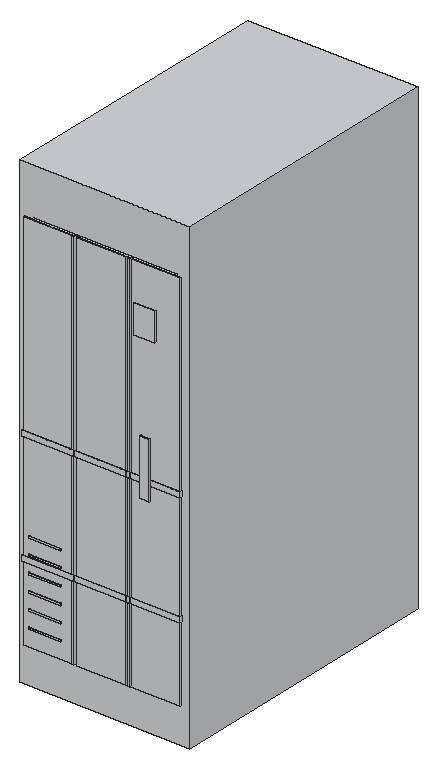
Revit family "GIS_MV_Cubicle", category Equipamento elétrico, Revit 2027
Family settings
  Configuração do painel = Duas colunas, circuitos transversais
  Cota do conector redondo = Utilizar diâmetro
  Tipo de parte = Painel de controle
  Com base no plano de trabalho = Não
  Sempre na vertical = Sim
  Corte com vazios quando carregada = Não
  Manter orientação da anotação = Não
  Compartilhado = Não
  Ponto de cálculo do ambiente = Não
Parameters (values of type "MV_UNIGEAR_ZS1_17K5_2KA_REFERENCE")
  Default Elevation = 0 mm
  built-in parameter 1140142 [instance] = (empty or 0)
  built-in parameter 1140140 [instance] = 1 (stored number, unit not read)
  BIM_TensaoSecundaria_kV = 0
  BIM_TensaoNominal_kV = 13.8
  BIM_TensaoClasse_kV = 17.5
  BIM_TensaoClasseSecundaria_kV = 0
  BIM_TensaoAuxiliarCA_kV = 0
  BIM_Sistema_Elemento [instance] = ""
  BIM_ReferenciaCatalogo = "ABB UniGear ZS1 installation manual, 12/17.5 kV feeder dimensions: 1600-2000 A panels 800 mm wide; 1340 mm depth for up to 2500 A / 31.5 kA option; 2200/2595 mm height depending LV compartment; order data and short-circuit rating not selected"
  BIM_Profundidade = 1340 mm
  BIM_Potencia_MVA = 0
  BIM_Localizacao [instance] = ""
  BIM_Largura = 800 mm
  BIM_Impedancia_pu = 0
  BIM_FonteGeometria = "ABB UniGear ZS1 installation manual, 12/17.5 kV feeder dimensions: 1600-2000 A panels 800 mm wide; 1340 mm depth for up to 2500 A / 31.5 kA option; 2200/2595 mm height depending LV compartment; order data and short-circuit rating not selected"
  BIM_Fabricante = "NAO SELECIONADO"
  BIM_EstadoGeometria = "CATALOG_ENVELOPE_REFERENCE_APPROXIMATE_ASSEMBLY"
  BIM_EstadoEspecificacao = "PREMISSA / NAO SELECIONADO"
  BIM_DescricaoEstudo = "Envelope externo baseado na linha dimensional ABB de alimentador 17,5 kV e 2.000 A; altura base de 2.200 mm. A configuração, curto-circuito, compartimentos e desenho de pedido não estão selecionados."
  BIM_CorrenteReferenciaSecundaria_A = 0
  BIM_CorrenteNominal_A = 2000
  BIM_Bay [instance] = ""
  BIM_AlturaCorpoPrincipal = 2200 mm
  BIM_Altura = 2200 mm
  built-in parameter 1155100 [instance] = (empty or 0)
Reference planes
  plane 1 "Centro (Frente/Trás)": y = 0
  plane 2: z = 0
  plane 3 "Centro (Esquerda/Direita)": x = 0
  plane 4 "BIM Left": x = -400
  plane 5 "BIM Right": x = 400
  plane 6 "BIM Front": y = -670
  plane 7 "BIM Back": y = 670
Forms (mm)
  Extrusion 1, solid
    sketch origin (0, 0, 0) x (1, 0, 0) y (0, 1, 0)
      loop
        line (-400, -670) -> (400, -670) -> (400, 670) -> (-400, 670) -> (-400, -670)
    from 0 to 2200 <- "BIM_AlturaCorpoPrincipal"
  Extrusion 2, solid
    sketch origin (0, 0, 220) x (1, 0, 0) y (0, 1, 0)
      loop
        line (-336, -683.716) -> (336, -683.716) -> (336, -670) -> (-336, -670) -> (-336, -683.716)
    from 0 to 1760
  Extrusion 3, solid
    sketch origin (0, 0, 176) x (1, 0, 0) y (0, 1, 0)
      loop
        line (-368, -689.812) -> (-136, -689.812) -> (-136, -683.716) -> (-368, -683.716) -> (-368, -689.812)
    from 0 to 1804
  Extrusion 4, solid
    sketch origin (0, 0, 176) x (1, 0, 0) y (0, 1, 0)
      loop
        line (-116, -689.812) -> (116, -689.812) -> (116, -683.716) -> (-116, -683.716) -> (-116, -689.812)
    from 0 to 1804
  Extrusion 5, solid
    sketch origin (0, 0, 176) x (1, 0, 0) y (0, 1, 0)
      loop
        line (136, -689.812) -> (368, -689.812) -> (368, -683.716) -> (136, -683.716) -> (136, -689.812)
    from 0 to 1804
  Extrusion 6, solid
    sketch origin (0, 0, 176) x (1, 0, 0) y (0, 1, 0)
      loop
        line (-136, -692.86) -> (-126.4, -692.86) -> (-126.4, -683.716) -> (-136, -683.716) -> (-136, -692.86)
    from 0 to 1804
  Extrusion 7, solid
    sketch origin (0, 0, 176) x (1, 0, 0) y (0, 1, 0)
      loop
        line (128, -692.86) -> (137.6, -692.86) -> (137.6, -683.716) -> (128, -683.716) -> (128, -692.86)
    from 0 to 1804
  Extrusion 8, solid
    sketch origin (0, 0, 528) x (1, 0, 0) y (0, 1, 0)
      loop
        line (-372, -693.47) -> (372, -693.47) -> (372, -683.106) -> (-372, -683.106) -> (-372, -693.47)
    from 0 to 26.4
  Extrusion 9, solid
    sketch origin (0, 0, 1056) x (1, 0, 0) y (0, 1, 0)
      loop
        line (-372, -693.47) -> (372, -693.47) -> (372, -683.106) -> (-372, -683.106) -> (-372, -693.47)
    from 0 to 26.4
  Extrusion 10, solid
    sketch origin (0, 0, 253) x (1, 0, 0) y (0, 1, 0)
      loop
        line (-340, -695.298) -> (-188, -695.298) -> (-188, -691.641) -> (-340, -691.641) -> (-340, -695.298)
    from 0 to 7.62
  Extrusion 11, solid
    sketch origin (0, 0, 330) x (1, 0, 0) y (0, 1, 0)
      loop
        line (-340, -695.298) -> (-188, -695.298) -> (-188, -691.641) -> (-340, -691.641) -> (-340, -695.298)
    from 0 to 7.62
  Extrusion 12, solid
    sketch origin (0, 0, 407) x (1, 0, 0) y (0, 1, 0)
      loop
        line (-340, -695.298) -> (-188, -695.298) -> (-188, -691.641) -> (-340, -691.641) -> (-340, -695.298)
    from 0 to 7.62
  Extrusion 13, solid
    sketch origin (0, 0, 484) x (1, 0, 0) y (0, 1, 0)
      loop
        line (-340, -695.298) -> (-188, -695.298) -> (-188, -691.641) -> (-340, -691.641) -> (-340, -695.298)
    from 0 to 7.62
  Extrusion 14, solid
    sketch origin (0, 0, 561) x (1, 0, 0) y (0, 1, 0)
      loop
        line (-340, -695.298) -> (-188, -695.298) -> (-188, -691.641) -> (-340, -691.641) -> (-340, -695.298)
    from 0 to 7.62
  Extrusion 15, solid
    sketch origin (0, 0, 638) x (1, 0, 0) y (0, 1, 0)
      loop
        line (-340, -695.298) -> (-188, -695.298) -> (-188, -691.641) -> (-340, -691.641) -> (-340, -695.298)
    from 0 to 7.62
  Extrusion 16, solid
    sketch origin (0, 0, 990) x (1, 0, 0) y (0, 1, 0)
      loop
        line (184, -696.822) -> (228, -696.822) -> (228, -691.336) -> (184, -691.336) -> (184, -696.822)
    from 0 to 264
  Extrusion 17, solid
    sketch origin (0, 0, 1672) x (1, 0, 0) y (0, 1, 0)
      loop
        line (160, -697.127) -> (256, -697.127) -> (256, -691.641) -> (160, -691.641) -> (160, -697.127)
    from 0 to 132
Dimensions and locks
  "BIM_Largura": plane 4 "BIM Left" to plane 5 "BIM Right"
  "BIM_Profundidade": plane 6 "BIM Front" to plane 7 "BIM Back"
  aligned and locked: level to plane 2
  aligned and locked: plane 4 "BIM Left" to Extrusion 1
  aligned and locked: Extrusion 1 to plane 5 "BIM Right"
  aligned and locked: Extrusion 1 to plane 6 "BIM Front"
  aligned and locked: plane 7 "BIM Back" to Extrusion 1
Automatic sketch dimensions
  Extrusion 1 sketch curve to plane 4 "BIM Left" = 0 mm
  Extrusion 1 sketch curve to plane 5 "BIM Right" = 0 mm
  Extrusion 1 sketch curve to plane 6 "BIM Front" = 0 mm
  Extrusion 1 sketch curve to plane 7 "BIM Back" = 0 mm
  Extrusion 2 sketch curve to plane 6 "BIM Front" = 0 mm
  Extrusion 2 sketch curve to plane 6 "BIM Front" = 13.716 mm
  Extrusion 2 sketch curve to plane 4 "BIM Left" = 64 mm
  plane 5 "BIM Right" to Extrusion 2 sketch curve = 64 mm
  Extrusion 3 sketch curve to plane 4 "BIM Left" = 32 mm
  Extrusion 3 sketch curve to plane 6 "BIM Front" = 13.716 mm
  Extrusion 3 sketch curve to plane 3 "Centro (Esquerda/Direita)" = 136 mm
  Extrusion 3 sketch curve to Extrusion 3 sketch curve = 6.096 mm
  Extrusion 4 sketch curve to plane 6 "BIM Front" = 19.812 mm
  Extrusion 4 sketch curve to plane 3 "Centro (Esquerda/Direita)" = 116 mm
  Extrusion 4 sketch curve to plane 6 "BIM Front" = 13.716 mm
  plane 3 "Centro (Esquerda/Direita)" to Extrusion 4 sketch curve = 116 mm
  Extrusion 5 sketch curve to plane 6 "BIM Front" = 19.812 mm
  plane 3 "Centro (Esquerda/Direita)" to Extrusion 5 sketch curve = 136 mm
  Extrusion 5 sketch curve to plane 6 "BIM Front" = 13.716 mm
  plane 5 "BIM Right" to Extrusion 5 sketch curve = 32 mm
  Extrusion 6 sketch curve to plane 6 "BIM Front" = 22.86 mm
  Extrusion 6 sketch curve to plane 3 "Centro (Esquerda/Direita)" = 136 mm
  Extrusion 6 sketch curve to Extrusion 6 sketch curve = 9.6 mm
  Extrusion 6 sketch curve to Extrusion 6 sketch curve = 9.144 mm
  Extrusion 7 sketch curve to plane 6 "BIM Front" = 22.86 mm
  plane 3 "Centro (Esquerda/Direita)" to Extrusion 7 sketch curve = 128 mm
  Extrusion 7 sketch curve to Extrusion 7 sketch curve = 9.6 mm
  Extrusion 7 sketch curve to Extrusion 7 sketch curve = 9.144 mm
  Extrusion 8 sketch curve to plane 4 "BIM Left" = 28 mm
  Extrusion 8 sketch curve to plane 6 "BIM Front" = 13.106 mm
  plane 5 "BIM Right" to Extrusion 8 sketch curve = 28 mm
  Extrusion 8 sketch curve to Extrusion 8 sketch curve = 10.363 mm
  Extrusion 9 sketch curve to plane 4 "BIM Left" = 28 mm
  Extrusion 9 sketch curve to plane 6 "BIM Front" = 13.106 mm
  plane 5 "BIM Right" to Extrusion 9 sketch curve = 28 mm
  Extrusion 9 sketch curve to Extrusion 9 sketch curve = 10.363 mm
  Extrusion 10 sketch curve to plane 6 "BIM Front" = 25.298 mm
  Extrusion 10 sketch curve to plane 4 "BIM Left" = 60 mm
  Extrusion 10 sketch curve to plane 6 "BIM Front" = 21.641 mm
  Extrusion 10 sketch curve to Extrusion 10 sketch curve = 152 mm
  Extrusion 11 sketch curve to plane 6 "BIM Front" = 25.298 mm
  Extrusion 11 sketch curve to plane 4 "BIM Left" = 60 mm
  Extrusion 11 sketch curve to plane 6 "BIM Front" = 21.641 mm
  Extrusion 11 sketch curve to Extrusion 11 sketch curve = 152 mm
  Extrusion 12 sketch curve to plane 6 "BIM Front" = 25.298 mm
  Extrusion 12 sketch curve to plane 4 "BIM Left" = 60 mm
  Extrusion 12 sketch curve to plane 6 "BIM Front" = 21.641 mm
  Extrusion 12 sketch curve to Extrusion 12 sketch curve = 152 mm
  Extrusion 13 sketch curve to plane 6 "BIM Front" = 25.298 mm
  Extrusion 13 sketch curve to plane 4 "BIM Left" = 60 mm
  Extrusion 13 sketch curve to plane 6 "BIM Front" = 21.641 mm
  Extrusion 13 sketch curve to Extrusion 13 sketch curve = 152 mm
  Extrusion 14 sketch curve to plane 6 "BIM Front" = 25.298 mm
  Extrusion 14 sketch curve to plane 4 "BIM Left" = 60 mm
  Extrusion 14 sketch curve to plane 6 "BIM Front" = 21.641 mm
  Extrusion 14 sketch curve to Extrusion 14 sketch curve = 152 mm
  Extrusion 15 sketch curve to plane 6 "BIM Front" = 25.298 mm
  Extrusion 15 sketch curve to plane 4 "BIM Left" = 60 mm
  Extrusion 15 sketch curve to plane 6 "BIM Front" = 21.641 mm
  Extrusion 15 sketch curve to Extrusion 15 sketch curve = 152 mm
  Extrusion 16 sketch curve to plane 6 "BIM Front" = 26.822 mm
  plane 3 "Centro (Esquerda/Direita)" to Extrusion 16 sketch curve = 184 mm
  Extrusion 16 sketch curve to plane 6 "BIM Front" = 21.336 mm
  Extrusion 16 sketch curve to Extrusion 16 sketch curve = 44 mm
  Extrusion 17 sketch curve to plane 6 "BIM Front" = 27.127 mm
  plane 3 "Centro (Esquerda/Direita)" to Extrusion 17 sketch curve = 160 mm
  Extrusion 17 sketch curve to plane 6 "BIM Front" = 21.641 mm
  Extrusion 17 sketch curve to Extrusion 17 sketch curve = 96 mm
